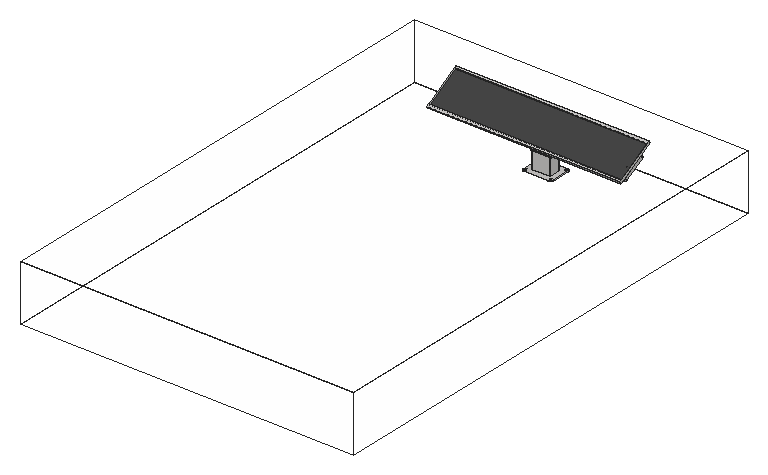
Revit family "Heater-Wall-Electric-Bromic-Smart Heat-Platinum A", category Electrical Fixtures, host Face, Revit 2017
Family settings
  Host = Face
  Maintain Annotation Orientation = No
  Round Connector Dimension = Use Diameter
  Part Type = Normal
  OmniClass Number = 23.75.10.14
  OmniClass Title = Independent Electric Heating Units
  Cut with Voids When Loaded = Yes
  Shared = No
  Room Calculation Point = No
Parameters (values of type "2300W Series - Black")
  calcWidth = 7.16535"  # constant formula
  calcSuspendedHeight [instance] = 9.64567"  # constant formula
  calcLength = if(Heater Type Selector = 1, 33.07087", if(Heater Type Selector = 2, 50.19685", 33.07087"))  # 33.07087"
  calcDepth = 2.12598"  # constant formula
  Width_ANZRS = 7"  # constant formula
  WeightNet_ANZRS = if(Heater Type Selector = 1, 16.50 lbm, if(Heater Type Selector = 2, 22.00 lbm, 16.50 lbm))  # 16.50 lbm
  Wattage_ANZRS = if(Heater Type Selector = 1, 2300 VA, if(Heater Type Selector = 2, 3400 VA, 2000 VA))  # 2300 VA
  Voltage_ANZRS [instance] = 230 V
  URL = "https://www.bromic.com/heating/outdoor-heaters/"
  Length_ANZRS = if(Heater Type Selector = 2, 50.2", 33")  # 33"
  Heater Type Selector = 1
  MountingType_ANZRS [instance] = "Wall Mounted - Angle Mount"  # constant formula
  Material_ANZRS = Metal-Steel-Stainless-Bromic
  Screen Material = Ceramic-Tinted-Bromic-Black
  Show Clearance [instance] = yes
  ProductCode_ANZRS = "BH0320003"
  PowerFactor_ANZRS = 1
  ModifiedIssue_ANZRS = 20190220.01  # constant formula
  Model = "Platinum Smart-Heat™ Electric"  # constant formula
  Manufacturer = "Bromic"  # constant formula
  Head Clearance = 6"  # constant formula
  Frequency_ANZRS = 50 Hz
  Floor Clearance = 72"  # constant formula
  End Clearance = 12"  # constant formula
  Description = "The Platinum Smart-Heat™ Electric excels in efficiency, packing profound performance into a sleek package to suit high-end, style-centric settings. Designed specifically with low-clearance, semi-enclosed and aesthetically-focused spaces in mind, this heater minimizes light emission to blend seamlessly into rooflines with the aid of recess kits or stylishly mount to a number of other surfaces."  # constant formula
  Depth_ANZRS = 2"  # constant formula
  Default Elevation = 48"
  CreatedBy_ANZRS = "Design Content"  # constant formula
  CreatedByURL_ANZRS = "https://www.designcontent.com.au/"
  ApproximateHeatArea = if(Heater Type Selector = 1, 65.00 SF, if(Heater Type Selector = 2, 108.00 SF, 65.00 SF))  # 65.00 SF
  ApparentLoad_ANZRS = Wattage_ANZRS  # 2300 VA
  Angle [instance] = 60.00°  # constant formula
Types (5): name | calcLength | WeightNet_ANZRS | Wattage_ANZRS | Length_ANZRS | Heater Type Selector | Screen Material | ProductCode_ANZRS | ApproximateHeatArea | ApparentLoad_ANZRS
  (no name) | 33.07087" | 16.50 lbm | 2300 VA | 33" | 1 | Ceramic-Tinted-Bromic-Black | "BH0320003" | 65.00 SF | 2300 VA
  2300W Series - Black | 33.07087" | 16.50 lbm | 2300 VA | 33" | 1 | Ceramic-Tinted-Bromic-Black | "BH0320003" | 65.00 SF | 2300 VA
  2300W Series - White | 33.07087" | 16.50 lbm | 2300 VA | 33" | 1 | Ceramic-Tinted-Bromic-White | "BH0320007" | 65.00 SF | 2300 VA
  3400W Series - Black | 50.19685" | 22.00 lbm | 3400 VA | 50.2" | 2 | Ceramic-Tinted-Bromic-Black | "BH0320005" | 108.00 SF | 3400 VA
  3400W Series - White | 50.19685" | 22.00 lbm | 3400 VA | 50.2" | 2 | Ceramic-Tinted-Bromic-White | "BH0320008" | 108.00 SF | 3400 VA
Reference planes (in)
  plane 1 "Center (Front/Back)": y = 0
  plane 2: z = 0
  plane 3 "Center (Left/Right)": x = 0
  plane 4: z = 7.44094
  plane 5: z = 9.64567
  plane 6: x = -16.53543
  plane 7: x = -28.53543
  plane 8: x = 16.53543
  plane 9: x = 28.53543
  plane 10: y = 3.58268
  plane 11: y = -3.58268
  plane 12: y = 7.69291
  plane 13: y = -76.80315
  plane 14: z = 0.07874
  plane 15: z = 4.72293
  plane 16: z = 7.51969
  plane 17: x = -17.12598
  plane 18: x = 17.12598
  plane 19: y = -0.5748
  plane 20: z = 6.02362
  plane 21: y = 1.69291
  plane 22: y = -4.80315
Forms (in)
  Extrusion 1, solid, material "Metal-Steel-Stainless-Bromic" <- "Material_ANZRS", detail levels coarse+medium
    sketch origin (0, 0, 0) x (1, 0, 0) y (0, 1, 0)
      loop
        arc (-2.55906, -1.5748) -> (-2.44374, -1.85319) -> (-2.16535, -1.9685) r 0.3937
        line (-2.16535, -1.9685) -> (2.16535, -1.9685)
        arc (2.16535, -1.9685) -> (2.44374, -1.85319) -> (2.55906, -1.5748) r 0.3937
        line (2.55906, -1.5748) -> (2.55906, 1.5748)
        arc (2.55906, 1.5748) -> (2.44374, 1.85319) -> (2.16535, 1.9685) r 0.3937
        line (2.16535, 1.9685) -> (-2.16535, 1.9685)
        arc (-2.16535, 1.9685) -> (-2.44374, 1.85319) -> (-2.55906, 1.5748) r 0.3937
        line (-2.55906, 1.5748) -> (-2.55906, -1.5748)
    from 0 to 0.07874
  Extrusion 2, solid, material "Metal-Steel-Stainless-Bromic" <- "Material_ANZRS", detail levels fine
    sketch origin (0, 0, 0) x (1, 0, 0) y (0, 1, 0)
      loop
        arc (-2.55906, -1.5748) -> (-2.44374, -1.85319) -> (-2.16535, -1.9685) r 0.3937
        line (-2.16535, -1.9685) -> (2.16535, -1.9685)
        arc (2.16535, -1.9685) -> (2.44374, -1.85319) -> (2.55906, -1.5748) r 0.3937
        line (2.55906, -1.5748) -> (2.55906, 1.5748)
        arc (2.55906, 1.5748) -> (2.44374, 1.85319) -> (2.16535, 1.9685) r 0.3937
        line (2.16535, 1.9685) -> (-2.16535, 1.9685)
        arc (-2.16535, 1.9685) -> (-2.44374, 1.85319) -> (-2.55906, 1.5748) r 0.3937
        line (-2.55906, 1.5748) -> (-2.55906, -1.5748)
      loop
        circle (-2.16535, -1.5748) r 0.12795
      loop
        circle (2.16535, -1.5748) r 0.12795
      loop
        circle (2.16535, 1.5748) r 0.12795
      loop
        circle (-2.16535, 1.5748) r 0.12795
    from 0 to 0.07874
  Extrusion 3, solid, material "Metal-Steel-Stainless-Bromic" <- "Material_ANZRS"
    sketch origin (0, 0, -1.20079) x (0, 1, 0) y (0, 0, 1)
      loop
        line (1.06299, 4.15354) -> (1.06299, 6.35617) -> (0.31695, 7.64834) -> (-1.38782, 6.66409) -> (-1.06299, 6.10147) -> (-1.06299, 4.15354) -> (1.06299, 4.15354)
    from -1.69291 to 1.69291
  Extrusion 4, solid, material "Metal-Steel-Stainless-Bromic" <- "Material_ANZRS"
    sketch origin (0, 2.55118, 0) x (1, 0, 0) y (0, 1, 0)
      loop
        line (-1.5748, -1.64567) -> (-1.5748, -3.41732)
        arc (-1.5748, -3.41732) -> (-1.54021, -3.50084) -> (-1.45669, -3.53543) r 0.11811
        line (-1.45669, -3.53543) -> (1.45669, -3.53543)
        arc (1.45669, -3.53543) -> (1.54021, -3.50084) -> (1.5748, -3.41732) r 0.11811
        line (1.5748, -3.41732) -> (1.5748, -1.64567)
        arc (1.5748, -1.64567) -> (1.55174, -1.58999) -> (1.49606, -1.56693) r 0.07874
        line (1.49606, -1.56693) -> (-1.49606, -1.56693)
        arc (-1.49606, -1.56693) -> (-1.55174, -1.58999) -> (-1.5748, -1.64567) r 0.07874
    from 0.07874 to 2.95276
  Extrusion 5, solid, material "Metal-Steel-Stainless-Bromic" <- "Material_ANZRS"
    sketch origin (0, 0, 0) x (0, 1, 0) y (0, 0, 1)
      loop
        line (0.99886, 6.84126) -> (0.95949, 6.90945) -> (-2.1091, 5.1378) -> (-2.06973, 5.0696) -> (0.99886, 6.84126)
    from -2.75591 to 2.75591
Lines and regions (in)
  reference lines
    curve 1: line (0, -0.5748, 6.02362) -> (0, -0.38546, 5.69567)
    curve 2: line (0, -0.5748, 6.02362) -> (0, -0.36863, 6.14266)
Dimensions and locks (in)
  equal spacing: plane 8, plane 3 "Center (Left/Right)", plane 6
  "calcLength": plane 8 to plane 6
  "End Clearance": plane 6 to plane 7
  "End Clearance": plane 9 to plane 8
  equal spacing: plane 11, plane 1 "Center (Front/Back)", plane 10
  "calcWidth": plane 11 to plane 10
  "Head Clearance": plane 21 to plane 12
  "Floor Clearance": plane 13 to plane 22
  locked: plane 2 to plane 14 at 0.07874
  plane 15 to plane 4 to plane 16 to plane 5 = 2.71801" locked, 0.07874" locked, 2.12598"
  "calcSuspendedHeight": plane 2 to plane 5
  locked: plane 17 to plane 6 at 0.59055
  locked: plane 8 to plane 18 at 0.59055
  locked: plane 1 "Center (Front/Back)" to plane 19 at 0.5748
  locked: plane 16 to plane 20 at 1.49606
  Extrusion 3 sketch curve to Extrusion 3 sketch curve to Extrusion 3 sketch curve to Extrusion 3 sketch curve to Extrusion 3 sketch curve to plane 16 = 1.94793" locked, 0.2547" locked, 0.30792" locked, 0.98425" locked, 1.07213" locked
  Extrusion 4 sketch curve to plane 1 "Center (Front/Back)" to Extrusion 4 sketch curve = 0.98425" locked, 0.98425" locked
  Extrusion 2 sketch curve to plane 1 "Center (Front/Back)" to Extrusion 2 sketch curve = 1.9685" locked, 1.9685" locked
  Extrusion 2 sketch curve to plane 3 "Center (Left/Right)" to Extrusion 2 sketch curve = 2.55906" locked, 2.55906" locked
  Extrusion 1 sketch curve to plane 1 "Center (Front/Back)" to Extrusion 1 sketch curve = 1.9685" locked, 1.9685" locked
  Extrusion 1 sketch curve to plane 3 "Center (Left/Right)" to Extrusion 1 sketch curve = 2.55906" locked, 2.55906" locked
  locked: plane 21 to plane 1 "Center (Front/Back)" at 1.69291
  locked: plane 21 to plane 22 at 6.49606
  locked: Extrusion 5 sketch curve to Extrusion 3 at 0.7874  (x2)
  locked: Extrusion 5 sketch curve to Extrusion 5 sketch curve at 0.07874
  "Angle": angle plane 2 to curve 1
  locked: curve 2 to curve 1 (angle 90.00°)
  locked: Extrusion 5 sketch curve to Extrusion 5 sketch curve (angle 90.00°)  (x3)
  aligned and locked: plane 2 to host face
  aligned and locked: level to host face
  aligned and locked: plane 2 to nested 2
  aligned and locked: nested 2 to plane 7
  aligned and locked: plane 9 to nested 2
  aligned and locked: nested 2 to plane 12
  aligned and locked: nested 2 to plane 13
  aligned and locked: Extrusion 2 to plane 14
  aligned and locked: Extrusion 1 to plane 14
  aligned and locked: Extrusion 2 to plane 2
  aligned and locked: Extrusion 1 to plane 2
  aligned and locked: plane 19 to curve 1
  aligned and locked: nested 1 to curve 1
  aligned and locked: nested 1 to plane 3 "Center (Left/Right)"
  aligned and locked: plane 14 to Extrusion 4
  aligned and locked: Extrusion 4 to Extrusion 3
  aligned and locked: plane 20 to curve 2
  aligned and locked: Extrusion 5 sketch curve to Extrusion 3
  aligned and locked: nested 2 to plane 5
Automatic sketch dimensions
  host sketch curve to host sketch curve = 96"  (x2)
  Extrusion 1 sketch curve to Extrusion 1 sketch curve = 0.3937"  (x3)
  Extrusion 1 sketch curve to plane 1 "Center (Front/Back)" = 1.5748"
  plane 3 "Center (Left/Right)" to Extrusion 2 sketch curve = 2.16535"
  Extrusion 4 sketch curve to Extrusion 4 sketch curve = 0.07874"  (x2)
  Extrusion 4 sketch curve to Extrusion 4 sketch curve = 0.11811"  (x2)
  Extrusion 2 sketch curve to Extrusion 2 sketch curve = 0"  (x8)
  Extrusion 2 sketch curve to Extrusion 2 sketch curve = 0.3937"  (x3)
  Extrusion 3 sketch curve to plane 19 = 0.81302"
  Extrusion 3 sketch curve to Extrusion 3 sketch curve = 0.32483"
  Extrusion 4 sketch curve to plane 3 "Center (Left/Right)" = 1.5748"
  plane 3 "Center (Left/Right)" to Extrusion 4 sketch curve = 1.45669"
  radius of Extrusion 2 sketch curve = 0.12795"  (x4)
Nested families (in)
  nested 1: "X-Heater-Electric-Bromic-Smart Heat-Platinum" at (0, -0.5748, 6.02362) x (-1, 0, 0) z (0, -0.5, 0.866), type "X-Heater-Electric-Bromic-Smart Heat-Platinum"
  nested 2: "Clearance Zone" at (0, -34.55512, 0), visible <- "Show Clearance", type "Standard"
    with Width 57.07087", Height 9.64567", Equipment Finish Clearance Zone, Depth 84.49606"
Connectors (in)
  electrical at (0, -0.5748, 6.02362), driven by "Voltage_ANZRS", driven by "ApparentLoad_ANZRS", driven by "PowerFactor_ANZRS"
    settings: on nested 1, index 1, voltage 230 V, apparent load 2300 VA, apparent load phase1 0 VA, apparent load phase2 0 VA, apparent load phase3 0 VA, power factor 1, load classification "Power", number of poles 1, system type 30, power factor state 1, is connector primary yes, connector utility no, sub classification motor no, connector description ""
Definition of nested family "X-Heater-Electric-Bromic-Smart Heat-Platinum"
  Parameters (values of type "X-Heater-Electric-Bromic-Smart Heat-Platinum")
    Width_ANZRS = 7.16535"
    Screen Material = none
    Material_ANZRS = none
    Length_ANZRS = 33.07087"
    Depth_ANZRS = 2.12598"
    Default Elevation = 48"
  Reference planes (in)
    plane 1 "Center (Front/Back)": y = 0
    plane 2: z = 0
    plane 3 "Center (Left/Right)": x = 0
    plane 4: x = -16.53543
    plane 5: x = 16.53543
    plane 6: y = 3.58268
    plane 7: y = -3.58268
    plane 8: z = 2.12598
    plane 9: z = 1.69291
    plane 10: z = 1.9685
  Forms (in)
    Extrusion 1, solid
      sketch origin (0, 0, 0) x (1, 0, 0) y (0, 1, 0)
        loop
          line (-48, 48) -> (-48, -48) -> (48, -48) -> (48, 48) -> (-48, 48)
      from 0 to -12
    Extrusion 2, solid, material <- "Material_ANZRS"
      sketch origin (0, 0, 0) x (1, 0, 0) y (0, 1, 0)
        loop
          arc (-15.55118, 2.16535) -> (-15.69038, 2.1077) -> (-15.74803, 1.9685) r 0.19685
          line (-15.74803, 1.9685) -> (-15.74803, -1.9685)
          arc (-15.74803, -1.9685) -> (-15.69038, -2.1077) -> (-15.55118, -2.16535) r 0.19685
          line (-15.55118, -2.16535) -> (15.55118, -2.16535)
          arc (15.55118, -2.16535) -> (15.69038, -2.1077) -> (15.74803, -1.9685) r 0.19685
          line (15.74803, -1.9685) -> (15.74803, 1.9685)
          arc (15.74803, 1.9685) -> (15.69038, 2.1077) -> (15.55118, 2.16535) r 0.19685
          line (15.55118, 2.16535) -> (-15.55118, 2.16535)
      from 0 to 1.69291
    Extrusion 3, solid, material <- "Material_ANZRS"
      sketch origin (0, 0, 0) x (0, 1, 0) y (0, 0, 1)
        loop
          line (3.58268, 2.12598) -> (3.17913, 2.12598) -> (3.17913, 1.75197) -> (-3.17913, 1.75197) -> (-3.17913, 2.12598) -> (-3.58268, 2.12598) -> (-3.58268, 1.69291) -> (3.58268, 1.69291) -> (3.58268, 2.12598)
      from -16.53543 to 16.53543
    Extrusion 4, solid, material <- "Screen Material"
      sketch origin (0, 0, 0) x (1, 0, 0) y (0, 1, 0)
        loop
          line (-16.41732, 3.17913) -> (-16.41732, -3.17913) -> (16.41732, -3.17913) -> (16.41732, 3.17913) -> (-16.41732, 3.17913)
      from 1.75197 to 1.9685
    Extrusion 5, solid, material <- "Material_ANZRS"
      sketch origin (0, 0, 0) x (1, 0, 0) y (0, 0, 1)
        loop
          line (-16.53543, 2.04724) -> (-16.53543, 1.75197) -> (-16.49606, 1.75197) -> (-16.49606, 2.04724) -> (-16.53543, 2.04724)
        loop
          line (16.53543, 2.04724) -> (16.49606, 2.04724) -> (16.49606, 1.75197) -> (16.53543, 1.75197) -> (16.53543, 2.04724)
      from -3.17913 to 3.17913
  Cuts and joins
    joined: Extrusion 3, Extrusion 5
  Dimensions and locks (in)
    equal spacing: plane 4, plane 3 "Center (Left/Right)", plane 5
    "Length_ANZRS": plane 4 to plane 5
    equal spacing: plane 7, plane 1 "Center (Front/Back)", plane 6
    "Width_ANZRS": plane 7 to plane 6
    "Depth_ANZRS": plane 8 to plane 2
    locked: plane 7 to Extrusion 2 sketch curve at 1.41732
    locked: plane 4 to Extrusion 2 sketch curve at 0.7874
    locked: Extrusion 2 sketch curve to plane 6 at 1.41732
    locked: Extrusion 2 sketch curve to plane 5 at 0.7874
    locked: plane 8 to plane 9 at 0.43307
    locked: Extrusion 3 sketch curve to plane 7 at 0.40354
    locked: plane 6 to Extrusion 3 sketch curve at 0.40354
    locked: Extrusion 3 sketch curve to plane 9 at 0.05906
    locked: plane 4 to Extrusion 4 sketch curve at 0.11811
    locked: Extrusion 4 sketch curve to plane 5 at 0.11811
    locked: plane 8 to plane 10 at 0.15748
    locked: Extrusion 5 sketch curve to plane 10 at 0.07874  (x2)
    locked: Extrusion 5 sketch curve to plane 4 at 0.03937
    locked: plane 5 to Extrusion 5 sketch curve at 0.03937
    aligned and locked: plane 2 to Extrusion 1
    aligned and locked: level to Extrusion 1
    aligned and locked: Extrusion 2 to plane 2
    aligned and locked: plane 9 to Extrusion 2
    aligned and locked: plane 7 to Extrusion 3 sketch curve
    aligned and locked: plane 9 to Extrusion 3 sketch curve
    aligned and locked: plane 8 to Extrusion 3 sketch curve
    aligned and locked: Extrusion 3 sketch curve to plane 8
    aligned and locked: plane 6 to Extrusion 3 sketch curve
    aligned and locked: plane 5 to Extrusion 3
    aligned and locked: Extrusion 3 to plane 4
    aligned and locked: Extrusion 3 to Extrusion 4 sketch curve  (x2)
    aligned and locked: Extrusion 4 to Extrusion 3
    aligned and locked: Extrusion 4 to plane 10
    aligned and locked: Extrusion 3 to Extrusion 5 sketch curve
    aligned and locked: plane 4 to Extrusion 5 sketch curve
    aligned and locked: plane 5 to Extrusion 5 sketch curve
    aligned and locked: Extrusion 5 sketch curve to Extrusion 3
    aligned and locked: Extrusion 5 to Extrusion 3  (x2)
  Automatic sketch dimensions
    Extrusion 1 sketch curve to Extrusion 1 sketch curve = 96"  (x2)
    Extrusion 2 sketch curve to Extrusion 2 sketch curve = 0.19685"  (x4)
Definition of nested family "Clearance Zone"
  Parameters (values of type "Standard")
    Width [instance] = 31.49606"
    URL = ""
    Manufacturer = ""
    Height [instance] = 22.83465"
    Equipment Finish [instance] = none
    Depth [instance] = 55.11811"
    Clearance Offset Top = 0"
    Clearance Offset Right = 0"
    Clearance Offset Left = 0"
    Clearance Offset Front = 0"
    Clearance Offset Bottom = 0"
    Clearance Offset Back = 0"
    Assembly Code = ""
  Reference planes (in)
    plane 1 "Center (Front/Back)": y = 0
    plane 2 "Bottom": z = 0
    plane 3 "Center (Left/Right)": x = 0
    plane 4 "Left": x = -15.74803
    plane 5 "Back": y = 27.55906
    plane 6 "Right": x = 15.74803
    plane 7 "Front": y = -27.55906
    plane 8 "Top": z = 22.83465
    plane 9 "Clearance Offset Right": x = 15.74803
    plane 10 "Clearance Offset Left": x = -15.74803
    plane 11 "Clearance Offset Back": y = 27.55906
    plane 12 "Clearance Offset Front": y = -27.55906
    plane 13 "Clearance Offset Top": z = 22.83465
    plane 14: z = 0
  Forms (in)
    Extrusion 1, solid, material <- "Equipment Finish"
      sketch origin (0, 0, 0) x (1, 0, 0) y (0, 1, 0)
        loop
          line (-15.74803, 27.55906) -> (-15.74803, -27.55906) -> (15.74803, -27.55906) -> (15.74803, 27.55906) -> (-15.74803, 27.55906)
      from 0 to 22.83465
  Lines and regions (in)
    symbolic lines
      curve 1: line (-15.74803, 0, 22.83465) -> (15.74803, 0, 22.83465)
      curve 2: line (-15.74803, 0, 0) -> (-15.74803, 0, 22.83465)
      curve 3: line (15.74803, 0, 0) -> (-15.74803, 0, 0)
      curve 4: line (15.74803, 0, 22.83465) -> (15.74803, 0, 0)
      curve 5: line (0, 27.55906, 22.83465) -> (0, -27.55906, 22.83465)
      curve 6: line (0, 27.55906, 0) -> (0, 27.55906, 22.83465)
      curve 7: line (0, -27.55906, 0) -> (0, 27.55906, 0)
      curve 8: line (0, -27.55906, 22.83465) -> (0, -27.55906, 0)
      curve 9: line (-15.74803, 27.55906, 0) -> (15.74803, 27.55906, 0)
      curve 10: line (-15.74803, -27.55906, 0) -> (-15.74803, 27.55906, 0)
      curve 11: line (15.74803, -27.55906, 0) -> (-15.74803, -27.55906, 0)
      curve 12: line (15.74803, 27.55906, 0) -> (15.74803, -27.55906, 0)
  Text (in)
    text "Copyright © Daikin Industries, Ltd. 2008" at (0.00043, 0.00036, 0), in view "Ref. Level"
  Dimensions and locks (in)
    equal spacing: plane 4 "Left", plane 3 "Center (Left/Right)", plane 6 "Right"
    "Width": plane 4 "Left" to plane 6 "Right"
    equal spacing: plane 5 "Back", plane 1 "Center (Front/Back)", plane 7 "Front"
    "Depth": plane 5 "Back" to plane 7 "Front"
    "Height": plane 8 "Top" to plane 2 "Bottom"
    "Clearance Offset Front": plane 12 "Clearance Offset Front" to plane 7 "Front"
    "Clearance Offset Back": plane 11 "Clearance Offset Back" to plane 5 "Back"
    "Clearance Offset Left": plane 10 "Clearance Offset Left" to plane 4 "Left"
    "Clearance Offset Right": plane 6 "Right" to plane 9 "Clearance Offset Right"
    "Clearance Offset Top": plane 13 "Clearance Offset Top" to plane 8 "Top"
    curve 3 to plane 14 = 0"
    "Clearance Offset Bottom": plane 2 "Bottom" to plane 14
    aligned and locked: plane 2 "Bottom" to level
    aligned and locked: plane 9 "Clearance Offset Right" to Extrusion 1 sketch curve
    aligned and locked: Extrusion 1 sketch curve to plane 11 "Clearance Offset Back"
    aligned and locked: plane 10 "Clearance Offset Left" to Extrusion 1 sketch curve
    aligned and locked: Extrusion 1 sketch curve to plane 12 "Clearance Offset Front"
    aligned and locked: curve 9 to Extrusion 1  (x2)
    aligned and locked: Extrusion 1 to curve 12
    aligned and locked: curve 12 to Extrusion 1
    aligned and locked: plane 13 "Clearance Offset Top" to Extrusion 1
    aligned and locked: Extrusion 1 to plane 14
    aligned and locked: Extrusion 1 to plane 10 "Clearance Offset Left"
    aligned and locked: Extrusion 1 to plane 9 "Clearance Offset Right"  (x2)
    aligned and locked: Extrusion 1 to plane 13 "Clearance Offset Top"  (x2)
    aligned and locked: plane 14 to Extrusion 1  (x2)
    aligned and locked: curve 1 to plane 13 "Clearance Offset Top"
    aligned and locked: plane 9 "Clearance Offset Right" to curve 4
    aligned and locked: plane 10 "Clearance Offset Left" to curve 2
    aligned and locked: plane 14 to curve 3
    aligned and locked: plane 10 "Clearance Offset Left" to Extrusion 1  (x2)
    aligned and locked: curve 8 to plane 12 "Clearance Offset Front"
    aligned and locked: curve 5 to plane 13 "Clearance Offset Top"
    aligned and locked: curve 6 to plane 11 "Clearance Offset Back"
    aligned and locked: plane 14 to curve 7
